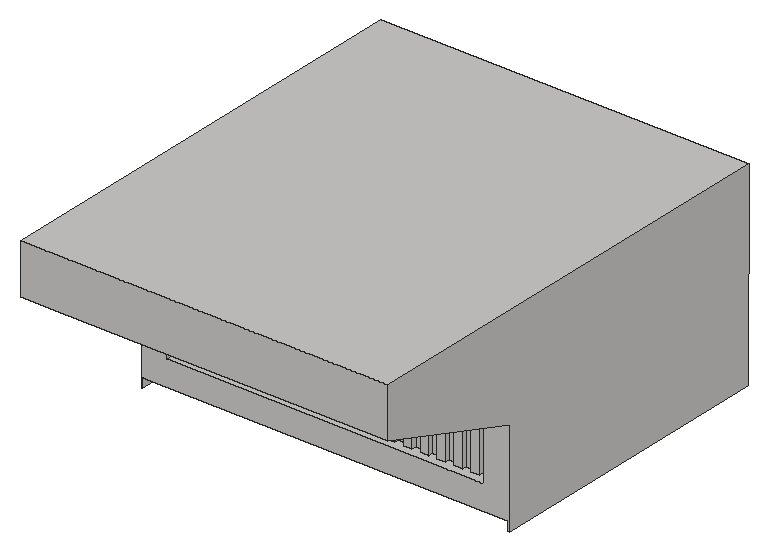
Revit family "QF_ZANUSSI_922735_HOEX2011", category Specialty Equipment, Revit 2018
Family settings
  Round Connector Dimension = Use Diameter
  Part Type = Normal
  Work Plane-Based = No
  Always vertical = Yes
  Cut with Voids When Loaded = No
  Shared = No
  Room Calculation Point = No
Parameters
  Weight = 0.00 kg
  Watts = 0 W
  Volts = 0 V
  URL Manufacturer = "http://www.zanussiprofessional.com"
  URL = "http://www.zanussiprofessional.com"
  Steam Supply Size = 0 mm
  Steam Supply Minimum Pressure = 0.0 Pa
  Steam Supply Maximum Pressure = 0.0 Pa
  Steam Pounds per Hour = 0
  Show Logo [instance] = yes
  Show Clearance [instance] = yes
  Refrigeration Suction Line Size = 0 mm
  Refrigeration Liquid Line Size = 0 mm
  Refrigerant Compressor Remote = yes
  Manufacturer = "Zanussi"
  Phase = 0
  Model = "HOEX2011"
  Length Actual = 0 mm  # constant formula
  Item Number = "922735"
  Hot Water Size = 0 mm
  Height Actual = 0 mm  # constant formula
  HP = "0 HP"
  Gas Size = 0 mm
  Gas KW = 0
  Gas Input Pressure = 0 W
  Direct Waste Size = 0 mm
  Description = "EXHAUST HOOD WITHOUT FAN FOR 20 GN 1/1 OVEN"
  Depth Actual = 0 mm  # constant formula
  Cycle = 0 Hz
  Condensate Return Size = 0 mm
  Compressed Air Volume = 0.0 L/s
  Compressed Air Size = 0 mm
  Compressed Air Pressure = 0.0 Pa
  Cold Water Size = 0 mm
  Accessory = yes
Reference planes
  plane 1 "Center X": y = 92.351
  plane 2: z = 0
  plane 3 "Center Y": x = -326.5
  plane 4 "LEFT": x = -760
  plane 5 "BACK": y = 479.851
  plane 6 "RIGHT": x = 107
  plane 7 "FRONT": y = -295.149
  plane 8 "TOP": z = 1728
  plane 9: y = -590.149
  plane 10: x = -764
  plane 11: x = 111
  plane 12: z = 2178
Forms (mm)
  Extrusion 1, solid, material "QF_Clearance", visible <- "Show Clearance", detail levels coarse
    sketch origin (0, 0, 0) x (1, 0, 0) y (0, 1, 0)
      loop
        line (-764, 479.851) -> (111, 479.851) -> (111, 629.851) -> (-764, 629.851) -> (-764, 479.851)
    from 1707 to 2178
  Extrusion 2, solid, material "QF_Clearance", visible <- "Show Clearance", detail levels coarse
    sketch origin (-1150.39, -1524, 2178) x (-1, 0, 0) y (0, -1, 0)
      loop
        line (-386.39, -933.851) -> (-1261.39, -933.851) -> (-1261.39, -2153.851) -> (-386.39, -2153.851) -> (-386.39, -933.851)
    from 450 to 0
  Extrusion 3, solid, material "QF_Finishes_Stainless Steel"
    sketch origin (-764, 902.856, 4000) x (0, 1, 0) y (0, 0, 1)
      loop
        line (-423.005, -2272) -> (-423.005, -1822) -> (-1493.005, -1822) -> (-1493.005, -1942.064) -> (-1133.005, -2066.021) -> (-1133.005, -2272) -> (-423.005, -2272)
    from 60 to 0
  Extrusion 4, solid, material "QF_Finishes_Stainless Steel"
    sketch origin (111, 902.856, 4000) x (0, 1, 0) y (0, 0, 1)
      loop
        line (-423.005, -2272) -> (-423.005, -1822) -> (-1493.005, -1822) -> (-1493.005, -1942.064) -> (-1133.005, -2066.021) -> (-1133.005, -2272) -> (-423.005, -2272)
    from -60 to 0
  Extrusion 5, solid, material "QF_Finishes_Stainless Steel"
    sketch origin (-326.5, 0, 0) x (0, 1, 0) y (0, 0, 1)
      loop
        line (479.851, 1728) -> (479.851, 2178) -> (-590.149, 2178) -> (-590.149, 2057.936) -> (-210.149, 2057.936) -> (-210.149, 1788) -> (-230.149, 1788) -> (-230.149, 1728) -> (479.851, 1728)
    from -377.5 to 377.5
  Extrusion 6, solid, material "QF_Finishes_Stainless Steel"
    sketch origin (0, -295.149, 0) x (-1, 0, 0) y (0, 0, 1)
      loop
        line (764, 1728) -> (760, 1728) -> (760, 1707) -> (764, 1707) -> (764, 1728)
      loop
        line (-107, 1728) -> (-111, 1728) -> (-111, 1707) -> (-107, 1707) -> (-107, 1728)
    from 65 to 775
  Extrusion 7, solid, material "QF_Finishes_Stainless Steel"
    sketch origin (0, 479.851, 0) x (-1, 0, 0) y (0, 0, 1)
      loop
        circle (-86, 2113) r 8
      loop
        circle (326.5, 1746) r 7
    from 0 to 20
  Extrusion 8, void
    sketch origin (0, 0, 0) x (1, 0, 0) y (0, 1, 0)
      loop
        line (-696.5, -200.149) -> (-696.5, -210.149) -> (-676.5, -210.149) -> (-676.5, -200.149) -> (-696.5, -200.149)
      loop
        line (-656.5, -200.149) -> (-656.5, -210.149) -> (-636.5, -210.149) -> (-636.5, -200.149) -> (-656.5, -200.149)
      loop
        line (-616.5, -200.149) -> (-616.5, -210.149) -> (-596.5, -210.149) -> (-596.5, -200.149) -> (-616.5, -200.149)
      loop
        line (-576.5, -200.149) -> (-576.5, -210.149) -> (-556.5, -210.149) -> (-556.5, -200.149) -> (-576.5, -200.149)
      loop
        line (-536.5, -200.149) -> (-536.5, -210.149) -> (-516.5, -210.149) -> (-516.5, -200.149) -> (-536.5, -200.149)
      loop
        line (-496.5, -200.149) -> (-496.5, -210.149) -> (-476.5, -210.149) -> (-476.5, -200.149) -> (-496.5, -200.149)
      loop
        line (-456.5, -200.149) -> (-456.5, -210.149) -> (-436.5, -210.149) -> (-436.5, -200.149) -> (-456.5, -200.149)
      loop
        line (-416.5, -200.149) -> (-416.5, -210.149) -> (-396.5, -210.149) -> (-396.5, -200.149) -> (-416.5, -200.149)
      loop
        line (-376.5, -200.149) -> (-376.5, -210.149) -> (-356.5, -210.149) -> (-356.5, -200.149) -> (-376.5, -200.149)
      loop
        line (-336.5, -200.149) -> (-336.5, -210.149) -> (-316.5, -210.149) -> (-316.5, -200.149) -> (-336.5, -200.149)
      loop
        line (-296.5, -200.149) -> (-296.5, -210.149) -> (-276.5, -210.149) -> (-276.5, -200.149) -> (-296.5, -200.149)
      loop
        line (-256.5, -200.149) -> (-256.5, -210.149) -> (-236.5, -210.149) -> (-236.5, -200.149) -> (-256.5, -200.149)
      loop
        line (-216.5, -200.149) -> (-216.5, -210.149) -> (-196.5, -210.149) -> (-196.5, -200.149) -> (-216.5, -200.149)
      loop
        line (-176.5, -200.149) -> (-176.5, -210.149) -> (-156.5, -210.149) -> (-156.5, -200.149) -> (-176.5, -200.149)
      loop
        line (-136.5, -200.149) -> (-136.5, -210.149) -> (-116.5, -210.149) -> (-116.5, -200.149) -> (-136.5, -200.149)
      loop
        line (-96.5, -200.149) -> (-96.5, -210.149) -> (-76.5, -210.149) -> (-76.5, -200.149) -> (-96.5, -200.149)
      loop
        line (-56.5, -200.149) -> (-56.5, -210.149) -> (-36.5, -210.149) -> (-36.5, -200.149) -> (-56.5, -200.149)
      loop
        line (-16.5, -200.149) -> (-16.5, -210.149) -> (3.5, -210.149) -> (3.5, -200.149) -> (-16.5, -200.149)
      loop
        line (23.5, -200.149) -> (23.5, -210.149) -> (43.5, -210.149) -> (43.5, -200.149) -> (23.5, -200.149)
    from 1788 to 2057.936
Cuts and joins
  joined: Extrusion 1, Extrusion 2
  Extrusion 8 cuts Extrusion 3
  Extrusion 8 cuts Extrusion 4
  Extrusion 8 cuts Extrusion 5
  Extrusion 8 cuts Extrusion 6
  Extrusion 8 cuts Extrusion 7
  joined: Extrusion 3, Extrusion 4, Extrusion 5, Extrusion 6, Extrusion 7
Lines and regions (mm)
  symbolic lines, style "QF_Clearances", visible <- "Show Clearance"
    curve 1: line (111, 629.851, 0) -> (-764, 629.851, 0)
  symbolic lines, style "Linee tratto punto"
    curve 2: line (-764, 479.851, 0) -> (111, 479.851, 0)
    curve 3: line (-764, -590.149, 0) -> (-764, 479.851, 0)
    curve 4: line (111, -590.149, 0) -> (-764, -590.149, 0)
    curve 5: line (111, 479.851, 0) -> (111, -590.149, 0)
    curve 16: line (-764, -590.149, 0) -> (111, 479.851, 0)
    curve 17: line (-764, 479.851, 0) -> (111, -590.149, 0)
  symbolic lines
    curve 6: line (-333.5, 499.851, 0) -> (-319.5, 499.851, 0)
    curve 7: line (-319.5, 499.851, 0) -> (-319.5, 479.851, 0)
    curve 8: line (-333.5, 499.851, 0) -> (-333.5, 479.851, 0)
    curve 9: line (94, 499.851, 0) -> (94, 479.851, 0)
    curve 10: line (94, 499.851, 0) -> (78, 499.851, 0)
    curve 11: line (78, 499.851, 0) -> (78, 479.851, 0)
  symbolic lines, style "SpecialityEquipmentHiddenLines"
    curve 12: line (-334, 338.851, 0) -> (-34, 338.851, 0)
    curve 13: line (-334, 38.851, 0) -> (-334, 338.851, 0)
    curve 14: line (-34, 38.851, 0) -> (-334, 38.851, 0)
    curve 15: line (-34, 338.851, 0) -> (-34, 38.851, 0)
Dimensions and locks
  equal spacing: plane 4 "LEFT", plane 3 "Center Y", plane 6 "RIGHT"
  plane 10 to plane 11 = 875 mm
  plane 5 "BACK" to plane 9 = 1070 mm
  equal spacing: plane 5 "BACK", plane 1 "Center X", plane 7 "FRONT"
  locked: plane 10 to plane 4 "LEFT" at 4
  locked: plane 6 "RIGHT" to plane 11 at 4
  cut or joined group of Extrusion 3, Extrusion 4, Extrusion 5, Extrusion 6, Extrusion 7, Extrusion 8 to Extrusion 7 sketch curve = 39 mm
  Extrusion 7 sketch curve to plane 12 = 65 mm
  plane 11 to Extrusion 7 sketch curve = 25 mm
  aligned and locked: level to plane 2
Automatic sketch dimensions
  Extrusion 1 sketch curve to plane 10 = 0 mm
  Extrusion 1 sketch curve to plane 11 = 0 mm
  Extrusion 1 sketch curve to plane 5 "BACK" = 0 mm
  plane 5 "BACK" to Extrusion 1 sketch curve = 150 mm
  Extrusion 2 sketch curve to plane 9 = 0 mm
  Extrusion 2 sketch curve to plane 11 = 0 mm
  Extrusion 2 sketch curve to plane 10 = 0 mm
  plane 5 "BACK" to Extrusion 2 sketch curve = 150 mm
  Extrusion 5 sketch curve to plane 9 = 0 mm
  Extrusion 5 sketch curve to plane 8 "TOP" = 0 mm
  Extrusion 5 sketch curve to plane 5 "BACK" = 0 mm
  Extrusion 5 sketch curve to plane 12 = 0 mm
  plane 7 "FRONT" to Extrusion 5 sketch curve = 65 mm
  plane 7 "FRONT" to Extrusion 5 sketch curve = 85 mm
  plane 8 "TOP" to Extrusion 5 sketch curve = 60 mm
  Extrusion 5 sketch curve to plane 12 = 120.064 mm
  Extrusion 6 sketch curve to plane 8 "TOP" = 0 mm  (x2)
  Extrusion 6 sketch curve to plane 11 = 0 mm
  Extrusion 6 sketch curve to plane 6 "RIGHT" = 0 mm
  Extrusion 6 sketch curve to plane 4 "LEFT" = 0 mm
  Extrusion 6 sketch curve to plane 10 = 0 mm
  Extrusion 6 sketch curve to plane 8 "TOP" = 21 mm
  Extrusion 6 sketch curve to Extrusion 6 sketch curve = 21 mm
  Extrusion 7 sketch curve to plane 3 "Center Y" = 0 mm
  curve 1 to plane 10 = 0 mm
  curve 4 to plane 10 = 0 mm
  curve 1 to plane 11 = 0 mm
  curve 16 to plane 5 "BACK" = 0 mm
  curve 16 to plane 11 = 0 mm
  curve 5 to plane 9 = 0 mm
  curve 8 to plane 3 "Center Y" = 7 mm
  plane 3 "Center Y" to curve 6 = 7 mm
  curve 12 to plane 3 "Center Y" = 7.5 mm
  curve 15 to plane 6 "RIGHT" = 141 mm
  curve 11 to plane 6 "RIGHT" = 29 mm
  curve 9 to plane 6 "RIGHT" = 13 mm
  plane 1 "Center X" to curve 14 = 53.5 mm
  curve 12 to plane 5 "BACK" = 141 mm
  curve 9 to curve 10 = 20 mm
  plane 5 "BACK" to curve 8 = 20 mm
  curve 9 to curve 1 = 130 mm
  Extrusion 4 sketch curve to plane 9 = 0 mm
  Extrusion 4 sketch curve to plane 8 "TOP" = 0 mm
  Extrusion 4 sketch curve to plane 5 "BACK" = 0 mm
  Extrusion 4 sketch curve to plane 12 = 0 mm
  plane 7 "FRONT" to Extrusion 4 sketch curve = 65 mm
  plane 8 "TOP" to Extrusion 4 sketch curve = 205.979 mm
  Extrusion 4 sketch curve to Extrusion 4 sketch curve = 120.064 mm
  Extrusion 3 sketch curve to plane 9 = 0 mm
  Extrusion 3 sketch curve to plane 8 "TOP" = 0 mm
  Extrusion 3 sketch curve to plane 5 "BACK" = 0 mm
  Extrusion 3 sketch curve to plane 12 = 0 mm
  plane 7 "FRONT" to Extrusion 3 sketch curve = 65 mm
  plane 8 "TOP" to Extrusion 3 sketch curve = 205.979 mm
  Extrusion 3 sketch curve to Extrusion 3 sketch curve = 120.064 mm
  plane 4 "LEFT" to Extrusion 8 sketch curve = 63.5 mm
  Extrusion 8 sketch curve to Extrusion 8 sketch curve = 20 mm  (x35)
  Extrusion 8 sketch curve to plane 3 "Center Y" = 30 mm
  Extrusion 8 sketch curve to plane 3 "Center Y" = 10 mm
  plane 7 "FRONT" to Extrusion 8 sketch curve = 85 mm  (x2)
  Extrusion 8 sketch curve to Extrusion 8 sketch curve = 0 mm  (x17)
  Extrusion 8 sketch curve to Extrusion 8 sketch curve = 10 mm  (x19)
  radius of Extrusion 7 sketch curve = 8 mm
  radius of Extrusion 7 sketch curve = 7 mm
Connectors
  electrical at (86, 499.851, 2113)
    settings: on cut or joined group of Extrusion 3, Extrusion 4, Extrusion 5, Extrusion 6, Extrusion 7, Extrusion 8, index 1, voltage 0 V, apparent load 0 VA, apparent load phase1 0 VA, apparent load phase2 0 VA, apparent load phase3 0 VA, power factor 1, load classification "Altro", number of poles 1, system type 30, power factor state 1, is connector primary yes, connector utility no, sub classification motor no, connector description "Electrical Connection"
  piping at (-326.5, 499.851, 1746), diameter 14
    settings: on cut or joined group of Extrusion 3, Extrusion 4, Extrusion 5, Extrusion 6, Extrusion 7, Extrusion 8, index 2, connector inside diameter 609.6 mm, connector length 0 mm, flow factor 0, pipe flow 0.0 L/s, pressure drop 0.0 Pa, fitting loss kfactor 0, connector angle 0.00°, fixture units 0, engagement length 0 mm, angle of deflection 0.00°, flow configuration 1, flow direction 2, fitting loss method 0, system type 16, joint type 0, gender type 0, connector reference index -1, connector utility 0, adjustable connector no, is connector primary yes, connector description "Drain"
